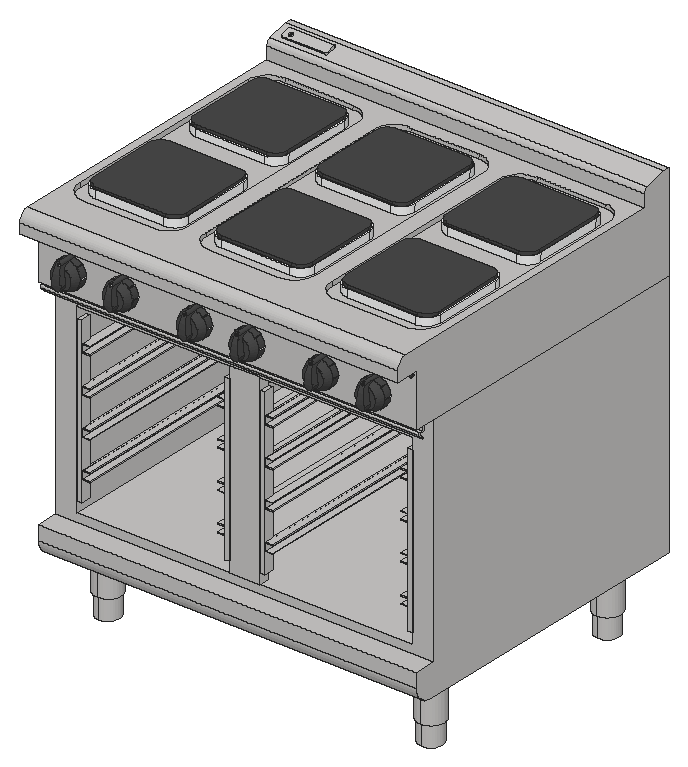
Revit family "QF_Moffat_RNL8600SE-CB_Electric_Cooktops_Sealed_Hobs_cat", category Specialty Equipment, Revit 2019 (continued)
Definition of nested family "QF_LOGO_Waldorf"
  Lines and regions (mm)
    Split face 1
      outline origin (0, -26.629, 22.888) x (1, 0, 0) y (0, 0.965926, 0.258819)
        loop
          spline (22.129, 16.975) -> (22.389, 15.984) -> (22.649, 15.002) -> (22.91, 14.028) -> (23.172, 13.065) -> (23.433, 12.11) -> (23.695, 11.166) -> (23.956, 10.232) -> (24.218, 9.308) -> (24.479, 8.396) -> (24.74, 7.495) -> (25, 6.605) -> (25.26, 5.728)
          line (25.26, 5.728) -> (29.463, 5.728)
          spline (29.463, 5.728) -> (29.582, 6.252) -> (29.701, 6.78) -> (29.82, 7.313) -> (29.939, 7.85) -> (30.058, 8.391) -> (30.178, 8.936) -> (30.297, 9.485) -> (30.416, 10.038) -> (30.536, 10.594) -> (30.655, 11.155) -> (30.775, 11.719) -> (30.894, 12.287)
          spline (30.894, 12.287) -> (31.018, 11.719) -> (31.142, 11.155) -> (31.266, 10.594) -> (31.39, 10.038) -> (31.514, 9.485) -> (31.638, 8.936) -> (31.762, 8.391) -> (31.885, 7.85) -> (32.009, 7.313) -> (32.133, 6.78) -> (32.256, 6.252) -> (32.379, 5.728)
          line (32.379, 5.728) -> (36.51, 5.728)
          spline (36.51, 5.728) -> (36.766, 6.605) -> (37.023, 7.495) -> (37.28, 8.396) -> (37.538, 9.308) -> (37.795, 10.232) -> (38.053, 11.166) -> (38.311, 12.11) -> (38.569, 13.065) -> (38.826, 14.028) -> (39.083, 15.002) -> (39.34, 15.984) -> (39.597, 16.975)
          line (39.597, 16.975) -> (35.637, 16.975)
          spline (35.637, 16.975) -> (35.523, 16.334) -> (35.41, 15.697) -> (35.296, 15.063) -> (35.182, 14.433) -> (35.068, 13.807) -> (34.954, 13.185) -> (34.84, 12.566) -> (34.726, 11.952) -> (34.612, 11.342) -> (34.497, 10.737) -> (34.383, 10.135) -> (34.269, 9.538)
          spline (34.269, 9.538) -> (34.138, 10.135) -> (34.008, 10.737) -> (33.877, 11.342) -> (33.746, 11.952) -> (33.616, 12.566) -> (33.485, 13.185) -> (33.354, 13.807) -> (33.224, 14.433) -> (33.093, 15.063) -> (32.963, 15.697) -> (32.833, 16.334) -> (32.703, 16.975)
          line (32.703, 16.975) -> (29.247, 16.975)
          spline (29.247, 16.975) -> (29.111, 16.334) -> (28.974, 15.697) -> (28.837, 15.063) -> (28.7, 14.433) -> (28.562, 13.807) -> (28.425, 13.185) -> (28.288, 12.566) -> (28.15, 11.952) -> (28.013, 11.342) -> (27.875, 10.737) -> (27.738, 10.135) -> (27.6, 9.538)
          spline (27.6, 9.538) -> (27.483, 10.135) -> (27.366, 10.737) -> (27.249, 11.342) -> (27.132, 11.952) -> (27.015, 12.566) -> (26.897, 13.185) -> (26.78, 13.807) -> (26.663, 14.433) -> (26.546, 15.063) -> (26.43, 15.697) -> (26.313, 16.334) -> (26.196, 16.975)
          line (26.196, 16.975) -> (22.129, 16.975)
    Split face 2
      outline origin (0, -26.629, 22.888) x (1, 0, 0) y (0, 0.965926, 0.258819)
        loop
          line (51.449, 5.728) -> (51.035, 6.606) -> (51.035, 11.169)
          spline (51.035, 11.169) -> (50.686, 12.42) -> (50.176, 13.224) -> (49.51, 13.708) -> (48.693, 13.995) -> (47.747, 14.152) -> (46.698, 14.207) -> (45.579, 14.186) -> (44.419, 14.114) -> (43.279, 13.929) -> (42.249, 13.481) -> (41.424, 12.614) -> (40.897, 11.169)
          line (40.897, 11.169) -> (44.617, 11.169) -> (44.988, 11.965)
          spline (44.988, 11.965) -> (47.294, 11.682) -> (46.856, 10.932) -> (45.527, 10.609) -> (43.858, 10.439) -> (42.259, 10.123) -> (41.078, 9.417) -> (40.563, 8.246) -> (40.689, 6.989) -> (41.407, 6.052) -> (42.774, 5.536) -> (44.847, 5.497) -> (47.306, 6.602)
          line (47.306, 6.602) -> (47.624, 5.728) -> (51.449, 5.728)
    Split face 3
      outline origin (0, -26.629, 22.888) x (1, 0, 0) y (0, 0.965926, 0.258819)
        loop
          line (47.264, 9.264) -> (44.938, 8.597)
          spline (44.938, 8.597) -> (44.508, 8.228) -> (44.402, 7.9) -> (44.548, 7.626) -> (44.877, 7.42) -> (45.317, 7.295) -> (45.797, 7.265) -> (46.252, 7.342) -> (46.65, 7.525) -> (46.971, 7.813) -> (47.194, 8.201) -> (47.298, 8.685) -> (47.264, 9.264)
    Split face 4
      outline origin (0, -26.629, 22.888) x (1, 0, 0) y (0, 0.965926, 0.258819)
        loop
          line (53.33, 16.975) -> (53.33, 5.728) -> (57.173, 5.728) -> (57.173, 16.975) -> (53.33, 16.975)
    Split face 5
      outline origin (0, -26.629, 22.888) x (1, 0, 0) y (0, 0.965926, 0.258819)
        loop
          line (65.795, 16.975) -> (65.795, 12.976)
          spline (65.795, 12.976) -> (63.839, 14.082) -> (62.087, 14.096) -> (60.633, 13.343) -> (59.574, 12.148) -> (58.99, 10.806) -> (58.867, 9.452) -> (59.156, 8.159) -> (59.81, 7) -> (60.786, 6.056) -> (62.111, 5.514) -> (63.868, 5.634) -> (66.137, 6.679)
          line (66.137, 6.679) -> (66.137, 5.728) -> (69.511, 5.728) -> (69.511, 16.975) -> (65.795, 16.975)
    Split face 6
      outline origin (0, -26.629, 22.888) x (1, 0, 0) y (0, 0.965926, 0.258819)
        loop
          spline (64.273, 7.499) -> (64.754, 7.57) -> (65.202, 7.777) -> (65.587, 8.106) -> (65.882, 8.535) -> (66.067, 9.034) -> (66.131, 9.57) -> (66.067, 10.106) -> (65.882, 10.605) -> (65.587, 11.034) -> (65.202, 11.363) -> (64.754, 11.57) -> (64.273, 11.64)
          spline (64.273, 11.64) -> (63.793, 11.57) -> (63.345, 11.363) -> (62.96, 11.034) -> (62.665, 10.605) -> (62.479, 10.106) -> (62.416, 9.57) -> (62.479, 9.034) -> (62.665, 8.535) -> (62.96, 8.106) -> (63.345, 7.777) -> (63.793, 7.57) -> (64.273, 7.499)
    Split face 7
      outline origin (0, -26.629, 22.888) x (1, 0, 0) y (0, 0.965926, 0.258819)
        loop
          spline (76.449, 5.305) -> (77.855, 5.457) -> (79.166, 5.901) -> (80.291, 6.607) -> (81.155, 7.527) -> (81.698, 8.599) -> (81.883, 9.749) -> (81.698, 10.899) -> (81.155, 11.97) -> (80.291, 12.891) -> (79.166, 13.597) -> (77.855, 14.041) -> (76.449, 14.192)
          spline (76.449, 14.192) -> (75.042, 14.041) -> (73.731, 13.597) -> (72.606, 12.891) -> (71.742, 11.97) -> (71.199, 10.899) -> (71.014, 9.749) -> (71.199, 8.599) -> (71.742, 7.527) -> (72.606, 6.607) -> (73.731, 5.901) -> (75.042, 5.457) -> (76.449, 5.305)
    Split face 8
      outline origin (0, -26.629, 22.888) x (1, 0, 0) y (0, 0.965926, 0.258819)
        loop
          spline (76.449, 7.654) -> (76.841, 7.725) -> (77.206, 7.934) -> (77.52, 8.267) -> (77.76, 8.701) -> (77.912, 9.206) -> (77.963, 9.749) -> (77.912, 10.291) -> (77.76, 10.796) -> (77.52, 11.23) -> (77.206, 11.563) -> (76.841, 11.772) -> (76.449, 11.843)
          spline (76.449, 11.843) -> (76.057, 11.772) -> (75.691, 11.563) -> (75.378, 11.23) -> (75.137, 10.796) -> (74.986, 10.291) -> (74.934, 9.749) -> (74.986, 9.206) -> (75.137, 8.701) -> (75.378, 8.267) -> (75.691, 7.934) -> (76.057, 7.725) -> (76.449, 7.654)
    Split face 9
      outline origin (0, -26.629, 22.888) x (1, 0, 0) y (0, 0.965926, 0.258819)
        loop
          line (86.998, 12.335) -> (86.998, 13.879) -> (83.479, 13.879) -> (83.479, 5.728) -> (87.312, 5.728) -> (87.312, 8.975)
          spline (87.312, 8.975) -> (87.364, 9.356) -> (87.458, 9.686) -> (87.594, 9.968) -> (87.769, 10.204) -> (87.982, 10.398) -> (88.229, 10.55) -> (88.509, 10.666) -> (88.82, 10.746) -> (89.16, 10.794) -> (89.525, 10.812) -> (89.915, 10.803) -> (90.327, 10.77)
          line (90.327, 10.77) -> (90.327, 14.113)
          spline (90.327, 14.113) -> (89.929, 14.127) -> (89.552, 14.111) -> (89.197, 14.066) -> (88.865, 13.991) -> (88.554, 13.887) -> (88.266, 13.754) -> (87.999, 13.591) -> (87.755, 13.399) -> (87.532, 13.177) -> (87.332, 12.926) -> (87.154, 12.645) -> (86.998, 12.335)
    Split face 10
      outline origin (0, -26.629, 22.888) x (1, 0, 0) y (0, 0.965926, 0.258819)
        loop
          line (92.082, 13.879) -> (90.894, 13.879) -> (90.894, 11.972) -> (92.082, 11.972) -> (92.082, 5.728) -> (95.871, 5.728) -> (95.871, 11.972) -> (97.5, 11.972) -> (97.5, 13.879) -> (95.871, 13.879)
          spline (95.871, 13.879) -> (95.843, 14.088) -> (95.845, 14.278) -> (95.877, 14.447) -> (95.939, 14.596) -> (96.03, 14.726) -> (96.151, 14.835) -> (96.301, 14.925) -> (96.482, 14.995) -> (96.692, 15.045) -> (96.931, 15.075) -> (97.201, 15.085) -> (97.5, 15.076)
          line (97.5, 15.076) -> (97.5, 17.266) -> (95.367, 17.266)
          spline (95.367, 17.266) -> (94.982, 17.253) -> (94.58, 17.21) -> (94.174, 17.132) -> (93.774, 17.013) -> (93.39, 16.846) -> (93.034, 16.627) -> (92.717, 16.349) -> (92.448, 16.007) -> (92.24, 15.595) -> (92.102, 15.106) -> (92.046, 14.537) -> (92.082, 13.879)
  Dimensions and locks
    equal spacing: plane 3 "LEFT", plane 7 "Center Y", plane 4 "RIGHT"
    "Length": plane 3 "LEFT" to plane 4 "RIGHT"
    equal spacing: plane 5 "FRONT", plane 8 "Center X", plane 1 "BACK"
    "Depth": plane 5 "FRONT" to plane 1 "BACK"
    "Height": plane 6 "TOP" to level
    plane 4 "RIGHT" to plane 3 "LEFT" = 138 mm
    aligned and locked: level to plane 2
  Automatic sketch dimensions
    Extrusion 1 sketch curve to plane 3 "LEFT" = 0 mm
    plane 3 "LEFT" to Extrusion 1 sketch curve = 4 mm  (x2)
    Extrusion 1 sketch curve to Extrusion 1 sketch curve = 10.75 mm
    Extrusion 1 sketch curve to Extrusion 1 sketch curve = 0.5 mm
    plane 4 "RIGHT" to Extrusion 1 sketch curve = 33 mm
    Extrusion 1 sketch curve to Extrusion 1 sketch curve = 0 mm  (x3)
    Extrusion 1 sketch curve to Extrusion 1 sketch curve = 4 mm
    Extrusion 1 sketch curve to Extrusion 1 sketch curve = 3.464 mm  (x3)
    Extrusion 1 sketch curve to Extrusion 1 sketch curve = 3.541 mm
    Extrusion 1 sketch curve to Extrusion 1 sketch curve = 4.325 mm
    Extrusion 1 sketch curve to Extrusion 1 sketch curve = 19.783 mm
    Extrusion 1 sketch curve to Extrusion 1 sketch curve = 7.592 mm
    plane 3 "LEFT" to Extrusion 2 sketch curve = 15.25 mm
    Extrusion 2 sketch curve to Extrusion 2 sketch curve = 4.325 mm
    plane 3 "LEFT" to Extrusion 3 sketch curve = 14.75 mm
    Extrusion 3 sketch curve to Extrusion 3 sketch curve = 4.325 mm
    Extrusion 1 to Split face 1 sketch curve = 6.879 mm
    Split face 1 sketch curve to Extrusion 1 = 5.728 mm
    Split face 1 sketch curve to Split face 1 sketch curve = 3.132 mm
    Split face 1 sketch curve to Split face 1 sketch curve = 4.068 mm
    Split face 1 sketch curve to Split face 1 sketch curve = 3.051 mm
    Split face 1 sketch curve to Split face 1 sketch curve = 4.203 mm
    Split face 1 sketch curve to Split face 1 sketch curve = 2.916 mm
    Split face 1 sketch curve to Split face 1 sketch curve = 3.456 mm
    Split face 1 sketch curve to Split face 1 sketch curve = 2.934 mm
    Split face 1 sketch curve to Split face 1 sketch curve = 4.131 mm
    Split face 1 sketch curve to Split face 1 sketch curve = 3.96 mm
    Split face 1 sketch curve to Split face 1 sketch curve = 0 mm  (x2)
    Split face 1 sketch curve to Extrusion 1 = 9.736 mm  (x2)
    Extrusion 1 to Split face 1 sketch curve = 6.337 mm
    Extrusion 1 to Split face 1 sketch curve = 6.231 mm
    Extrusion 1 to Split face 1 sketch curve = 3.184 mm
    Extrusion 1 to Split face 1 sketch curve = 13.135 mm
    Split face 1 sketch curve to Split face 1 sketch curve = 4.652 mm
    Split face 1 sketch curve to Split face 1 sketch curve = 3.593 mm
    Split face 1 sketch curve to Split face 1 sketch curve = 1.863 mm
    Split face 1 sketch curve to Split face 1 sketch curve = 0.713 mm
    Split face 1 sketch curve to Split face 1 sketch curve = 2.684 mm
    Split face 1 sketch curve to Split face 1 sketch curve = 3.294 mm
    Split face 1 sketch curve to Split face 1 sketch curve = 0.459 mm
    Split face 1 sketch curve to Split face 1 sketch curve = 2.775 mm
    Split face 1 sketch curve to Split face 1 sketch curve = 1.89 mm
    Split face 1 sketch curve to Split face 1 sketch curve = 0.685 mm
    Split face 1 sketch curve to Split face 1 sketch curve = 9.486 mm
    Split face 1 sketch curve to Split face 1 sketch curve = 16.213 mm
    Split face 1 sketch curve to Split face 1 sketch curve = 3.48 mm
    Split face 1 sketch curve to Split face 1 sketch curve = 4.918 mm
    Split face 1 sketch curve to Split face 1 sketch curve = 7.609 mm
    Split face 1 sketch curve to Split face 1 sketch curve = 0.01 mm  (x2)
    Split face 1 sketch curve to Split face 1 sketch curve = 0.002 mm
    Split face 2 sketch curve to Extrusion 1 = 11.169 mm
    Extrusion 1 to Split face 2 sketch curve = 25.647 mm
    Split face 2 sketch curve to Split face 2 sketch curve = 3.72 mm
    Split face 2 sketch curve to Extrusion 1 = 11.965 mm
    Split face 2 sketch curve to Split face 2 sketch curve = 0.371 mm
    Split face 2 sketch curve to Extrusion 1 = 6.602 mm
    Split face 2 sketch curve to Split face 2 sketch curve = 2.689 mm
    Split face 2 sketch curve to Split face 2 sketch curve = 0.318 mm
    Split face 2 sketch curve to Split face 2 sketch curve = 3.729 mm
    Split face 2 sketch curve to Split face 2 sketch curve = 0.414 mm
    Split face 2 sketch curve to Split face 2 sketch curve = 0.875 mm
    Split face 2 sketch curve to Split face 2 sketch curve = 0.878 mm
    Split face 3 sketch curve to Extrusion 1 = 8.597 mm
    Extrusion 1 to Split face 3 sketch curve = 29.688 mm
    Split face 3 sketch curve to Extrusion 1 = 9.264 mm
    Split face 3 sketch curve to Split face 3 sketch curve = 2.326 mm
    Split face 4 sketch curve to Extrusion 1 = 5.728 mm
    Extrusion 1 to Split face 4 sketch curve = 38.08 mm
    Split face 4 sketch curve to Split face 4 sketch curve = 3.843 mm
    Split face 4 sketch curve to Extrusion 1 = 9.736 mm
    Split face 5 sketch curve to Extrusion 1 = 9.736 mm
    Split face 5 sketch curve to Extrusion 1 = 43.205 mm
    Split face 5 sketch curve to Extrusion 1 = 6.679 mm
    Split face 5 sketch curve to Split face 5 sketch curve = 0.342 mm
    Split face 5 sketch curve to Split face 5 sketch curve = 3.375 mm
    Split face 5 sketch curve to Split face 5 sketch curve = 0.952 mm
    Split face 5 sketch curve to Split face 5 sketch curve = 3.998 mm
    Split face 6 sketch curve to Extrusion 1 = 7.499 mm
    Split face 6 sketch curve to Extrusion 1 = 44.727 mm
    Split face 6 sketch curve to Split face 6 sketch curve = 2.07 mm
    Split face 7 sketch curve to Extrusion 1 = 5.305 mm
    Split face 7 sketch curve to Extrusion 1 = 32.551 mm
    Split face 7 sketch curve to Split face 7 sketch curve = 4.443 mm
    Split face 8 sketch curve to Extrusion 1 = 7.654 mm
    Split face 8 sketch curve to Extrusion 1 = 32.551 mm
    Split face 8 sketch curve to Split face 8 sketch curve = 2.095 mm
    Split face 9 sketch curve to Extrusion 1 = 5.728 mm
    Split face 9 sketch curve to Extrusion 1 = 25.521 mm
    Split face 9 sketch curve to Split face 9 sketch curve = 3.519 mm
    Split face 9 sketch curve to Split face 9 sketch curve = 0.315 mm
    Split face 9 sketch curve to Split face 9 sketch curve = 3.33 mm
    Split face 9 sketch curve to Split face 9 sketch curve = 3.248 mm
    Split face 9 sketch curve to Split face 9 sketch curve = 1.795 mm
    Split face 9 sketch curve to Split face 9 sketch curve = 3.36 mm
    Split face 9 sketch curve to Split face 9 sketch curve = 1.545 mm
    Split face 9 sketch curve to Split face 9 sketch curve = 0.233 mm
    Split face 10 sketch curve to Extrusion 1 = 18.106 mm
    Split face 10 sketch curve to Split face 10 sketch curve = 1.188 mm  (x2)
    Split face 10 sketch curve to Split face 10 sketch curve = 3.285 mm
    Split face 10 sketch curve to Split face 10 sketch curve = 3.789 mm
    Split face 10 sketch curve to Split face 10 sketch curve = 0 mm  (x2)
    Split face 10 sketch curve to Split face 10 sketch curve = 1.629 mm
    Split face 10 sketch curve to Split face 10 sketch curve = 2.133 mm
    Split face 10 sketch curve to Extrusion 1 = 5.728 mm
    Split face 10 sketch curve to Split face 10 sketch curve = 6.245 mm
    Split face 10 sketch curve to Split face 10 sketch curve = 1.907 mm  (x2)
    Split face 10 sketch curve to Split face 10 sketch curve = 1.197 mm
    Split face 10 sketch curve to Split face 10 sketch curve = 2.19 mm
